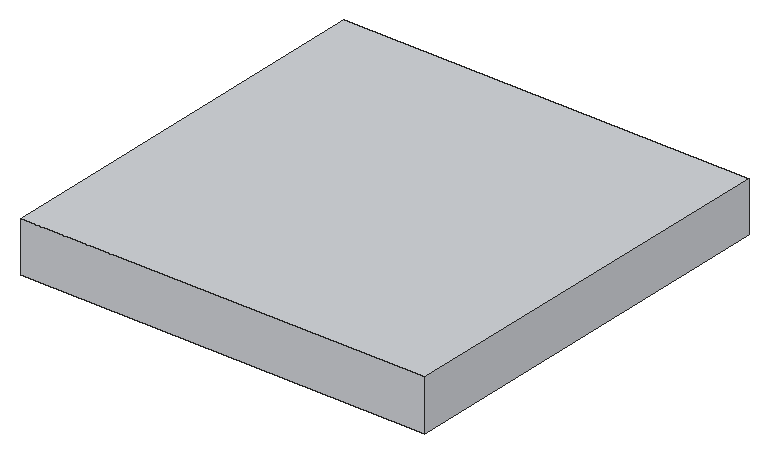
Revit family "CSL49 6", category Aparatos eléctricos, Revit 2016
Family settings
  Anfitrión = Cara
  Mantener orientación de anotación = No
  Tipo de pieza = Normal
  Cota de conector redondo = Diámetro de uso
  Número OmniClass = 23.80.50.11.11
  Título OmniClass = Receptacle Terminal Units
  Corte con vacíos al cargar = No
  Compartido = No
  Punto de cálculo de habitación = No
Parameters (values of type "Módulo /6 - Grafito")
  URL = "http://www.mmconecta.com/"
  Normativas = "UNE 60670-1:2006 + CORR. 2008 / Marcado CE"  # constant formula
  Modelo = "CSL 4"  # constant formula
  Materia prima = "Policarbonato libre de halógenos"
  Instalación = "En suelo"  # constant formula
  Descripción = "Caja de conexiones de red en suelo CSL 4"  # constant formula
  Código de montaje = "D5020100"
  Composición = "Cubeta, Tapa, Tornillería tapa (2ud), Tornillería montaje en suelo (4ud), Entrada lateral 2 conectores CR, Entrada ciega"  # constant formula
  Capacidad = "4 módulos PLUS"  # constant formula
  CSL 4 (AltoxLargoxAncho) = "45 x 130 x 190 mm"  # constant formula
  Acabado = "Grafito RAL7021"
  Fabricante = "MMCONECTA"  # constant formula
  Elevación por defecto = 1200 mm
  Compatibilidad = "Gama 45"  # constant formula
Types (3, lengths in mm): name | Acabado
  (no name) | "Grafito RAL7021"
  Módulo /4 - Blanco | "Blanco nieve RAL9019"
  Módulo /6 - Grafito | "Grafito RAL7021"
Reference planes
  plane 1 "Centro (Frontal/Posterior)": y = 0
  plane 2: z = 0
  plane 3 "Centro (Izquierda/Derecha)": x = 0
Forms (mm)
  Extrusion 1, solid
    sketch origin (0, 0, 0) x (1, 0, 0) y (0, 1, 0)
      loop
        line (-1219.2, 1219.2) -> (-1219.2, -1219.2) -> (1219.2, -1219.2) -> (1219.2, 1219.2) -> (-1219.2, 1219.2)
    from 0 to -304.8
  Extrusion 2, solid, detail levels coarse+medium
    sketch origin (0, 0, 0) x (1, 0, 0) y (0, 1, 0)
      loop
        arc (34.539, 69.584) -> (30.069, 74.911) -> (23.14, 75.507) r 9.071
        line (23.14, 75.507) -> (-0.157, 60.779) -> (-6.89, 60.779) -> (-17.222, 69.584)
        arc (-17.222, 69.584) -> (-21.692, 74.911) -> (-28.62, 75.507) r 9.071
        line (-28.62, 75.507) -> (-51.917, 60.779) -> (-62.187, 60.779) -> (-72.518, 69.584)
        arc (-72.518, 69.584) -> (-76.988, 74.911) -> (-83.916, 75.507) r 9.071
        line (-83.916, 75.507) -> (-107.214, 60.779)
        arc (-107.214, 60.779) -> (-119.941, 55.507) -> (-125.214, 42.779) r 18
        line (-125.214, 42.779) -> (-125.214, -41.221)
        arc (-125.214, -41.221) -> (-119.941, -53.949) -> (-107.214, -59.221) r 18
        line (-107.214, -59.221) -> (-83.916, -73.949)
        arc (-83.916, -73.949) -> (-76.988, -73.353) -> (-72.518, -68.026) r 9.071
        line (-72.518, -68.026) -> (-62.187, -59.221) -> (-51.917, -59.221) -> (-28.62, -73.949)
        arc (-28.62, -73.949) -> (-21.692, -73.353) -> (-17.222, -68.026) r 9.071
        line (-17.222, -68.026) -> (-6.89, -59.221) -> (-0.157, -59.221) -> (23.14, -73.949)
        arc (23.14, -73.949) -> (30.069, -73.353) -> (34.539, -68.026) r 9.071
        line (34.539, -68.026) -> (44.87, -59.221) -> (106.786, -59.221)
        arc (106.786, -59.221) -> (119.514, -53.949) -> (124.786, -41.221) r 18
        line (124.786, -41.221) -> (124.786, 42.779)
        arc (124.786, 42.779) -> (119.514, 55.507) -> (106.786, 60.779) r 18
        line (106.786, 60.779) -> (44.87, 60.779) -> (34.539, 69.584)
    from 0 to 55
Dimensions and locks
  aligned and locked: plane 2 to Extrusion 1
  aligned and locked: level to Extrusion 1
  aligned and locked: Extrusion 2 to import instance
  aligned and locked: plane 1 "Centro (Frontal/Posterior)" to nested 1
  aligned and locked: plane 3 "Centro (Izquierda/Derecha)" to nested 1
Nested families
  nested 1: "Simbolo enchufe" at (0, 0, 0), type "Anotación de toma", detail levels coarse+medium
Definition of nested family "Simbolo enchufe"
  Parameters (values of type "Anotación de toma")
    Anotación de texto de etiqueta = ""
    6RED+4RJ45 = yes
    6RED+2RJ45 = no
    4RED+4RJ45 = no
  Reference planes
    plane 1: y = 0
    plane 2: x = 0
  Lines and regions (mm)
    detail lines
      curve 1: line (0, 1.25, 0) -> (0, 0, 0)
      curve 2: line (-1.25, 1.25, 0) -> (1.25, 1.25, 0)
      curve 3: arc (-1.25, 2.5, 0) -> (0, 1.25, 0) -> (1.25, 2.5, 0) r 1.25
  Text (mm)
    text "6RJ45" at (-2.849, 0.33, 0), visible <- "6RED+4RJ45"
